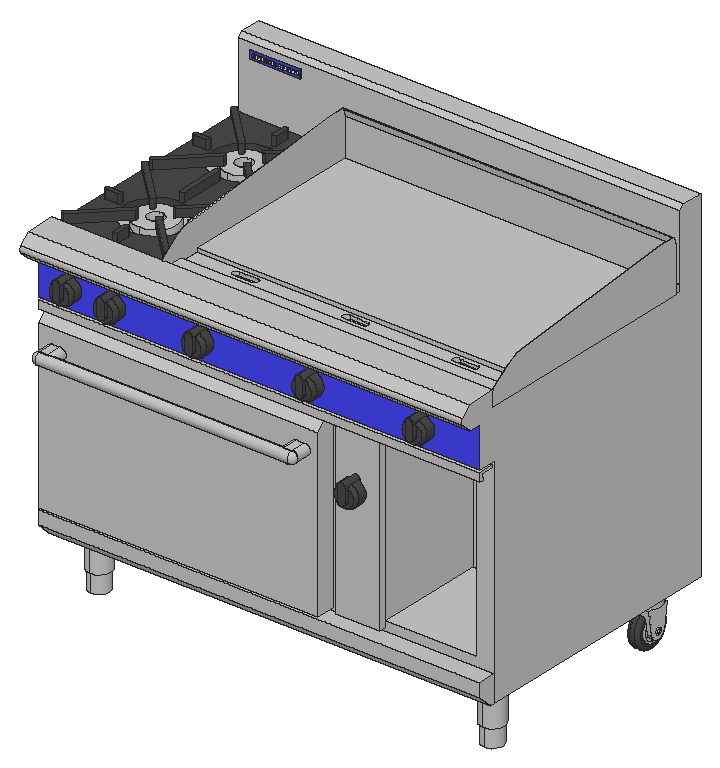
Revit family "QF_MOFFAT_BLUESEAL_CE_GE58A", category Specialty Equipment, Revit 2012
Parameters
  Width = 1200 mm
  Weight in Pounds = 485
  Watts = 6600 W
  Volts = 400 V
  URL Cutsheet = "www.moffat.com"
  URL = "www.moffat.com"
  Type Mark [instance] = ""
  Status [instance] = ""
  Specification by User [instance] = ""
  Specification by Manufacturer = ""
  Show Logo [instance] = yes
  Show Clearance [instance] = yes
  Show Casters [instance] = yes
  Serial Number = ""
  Seismic Rating = ""
  SMACNA No = ""
  Revision Code [instance] = ""
  Phase = 3
  Omniclass Number and Title = ""
  Number of Poles [instance] = 1
  NAFEM Spec ID Number = ""
  Model = "GE58A"
  Min Ckt Ampacity = 0 A
  Mechanical Remarks = ""
  Mechanical Connection Type [instance] = ""
  Max Overcurrent Protection = 0 A
  Masterspec = ""
  Manufacturer = "MOFFAT BLUESEAL"
  Legs [instance] = not(Show Casters)  # no
  Item Number [instance] = ""
  Installed By [instance] = ""
  Identify Quantity as Lot [instance] = yes
  Height = 970 mm
  HP = ""
  Gas Size = 3/4"
  Gas RI Height [instance] = 0 mm
  Gas KW = 32.2
  Gas Input [instance] = 109946.0 Btu/h
  Gas Connection Height = 0 mm
  Furnished By [instance] = ""
  Foodservice Equipment Identifier [instance] = yes
  FL Amps = 9.4 A
  Electrical Remarks = "9.4A PER PHASE"
  Electric Connection Type = ""
  Elec Conn RI Height = 0 mm
  Elec Conn Connection Height = 0 mm
  Description = "1200MM GAS RANGE WITH ELECTRIC CONVECTION OVEN"
  Depth = 812 mm
  Cycle = 50 Hz
  Conn Plug = ""
  Conn Conduit = yes
  CSI MasterFormat = ""
  CSI Master Format = ""
  Body Finish = QF_Finishes_Stainless Steel
  Apparent Power = 0 VA
Reference planes
  plane 1 "BACK": y = 0
  plane 2: z = 0
  plane 3 "LEFT": x = 0
  plane 4 "RIGHT": x = 1200
  plane 5 "FRONT": y = -812
  plane 6 "TOP": z = 970
  plane 7 "Center Y": x = 600
  plane 8 "Center X": y = -406
  plane 9: x = 280
  plane 10: y = -574.272
  plane 11: x = 60
  plane 12: y = -304.972
  plane 13: y = -364.972
  plane 14: x = 74
  plane 15: y = -812
  plane 16: x = 1134.5
  plane 17: y = -32
  plane 18: z = 655
  plane 19: x = 65.5
  plane 20: x = 65.8
  plane 21: z = 1085
  plane 22: y = -705
Forms (mm)
  Extrusion 1, solid, material "QF_Finishes_Stainless Steel" <- "Body Finish"
    sketch origin (0, 0, 0) x (0, 1, 0) y (0, 0, 1)
      loop
        line (0, 150) -> (0, 1085) -> (-57.5, 1085) -> (-70, 1072.5) -> (-70, 875) -> (-705, 875) -> (-705, 915) -> (-783.97, 915) -> (-808.49, 890.48)
        arc (-808.49, 890.48) -> (-812.002, 882) -> (-808.49, 873.52) r 11.993
        line (-808.49, 873.52) -> (-784.97, 850) -> (-749, 850) -> (-749, 740) -> (-699, 740) -> (-699, 150) -> (0, 150)
      loop
        line (-749, 222.5) -> (-749, 186) -> (-713.26, 150.26) -> (-701, 150.26) -> (-701, 222.5) -> (-749, 222.5)
      loop
        line (-749, 710) -> (-740.224, 710) -> (-742.613, 726.999) -> (-707.93, 726.999) -> (-707.93, 734.003) -> (-749, 734.003) -> (-749, 710)
    from 0 to 1200
  Extrusion 2, solid, material "QF_Finishes_Stainless Steel"
    sketch origin (0, 7, 0) x (0, 1, 0) y (0, 0, 1)
      loop
        line (-706, 700) -> (-732, 700) -> (-756, 676) -> (-756, 227.5) -> (-706, 227.5) -> (-706, 700)
    from 0 to 760
  Extrusion 3, solid, material "QF_Finishes_Stainless Steel"
    sketch origin (723.5, 7, 0) x (0, 1, 0) y (0, 0, 1)
      loop
        line (-706, 700) -> (-721, 700) -> (-721, 227.5) -> (-706, 227.5) -> (-706, 700)
    from 56.898 to 176.5
  Revolve 4, solid, material "QF_Finishes_Stainless Steel" <- "Body Finish"
    sketch origin (1134.5, -696.126, 0) x (0, 1, 0) y (0, 0, -1)
      loop
        line (39.376, -150) -> (71.126, -150) -> (71.126, 0) -> (43.626, 0) -> (43.626, -50) -> (39.376, -50) -> (39.376, -150)
      axis (71.126, -150) -> (71.126, 0)
    angle from 0 to 360
  Revolve 5, solid, material "QF_Finishes_Stainless Steel" <- "Body Finish"
    sketch origin (65.5, -696.126, 0) x (0, 1, 0) y (0, 0, 1)
      loop
        line (39.376, 150) -> (39.376, 50) -> (43.626, 50) -> (43.626, 0) -> (71.126, 0) -> (71.126, 150) -> (39.376, 150)
      axis (71.126, 150) -> (71.126, 0)
    angle from 0 to 360
  Extrusion 6, solid, material "QF_Finishes_Stainless Steel"
    sketch origin (-64.5, 0, 325) x (1, 0, 0) y (0, 1, 0)
      loop
        circle (1134.5, -32) r 10
    from 330 to 374.856
  Extrusion 7, void
    sketch origin (0, -703.73, 150) x (0, 0, -1) y (-1, 0, 0)
      loop
        line (-526, -900) -> (-526, -1150) -> (-96, -1150) -> (-96, -900) -> (-526, -900)
    from 0 to 304.8
  Extrusion 8, solid, material "QF_Finishes_Black"
    sketch origin (0, -70, 875) x (0, -1, 0) y (1, 0, 0)
      loop
        arc (1, 4) -> (1.879, 1.879) -> (4, 1) r 3
        line (4, 1) -> (632, 1)
        arc (632, 1) -> (634.121, 1.879) -> (635, 4) r 3
        line (635, 4) -> (635, 297.232)
        arc (635, 297.232) -> (634.121, 299.354) -> (632, 300.232) r 3
        line (632, 300.232) -> (4, 300.232)
        arc (4, 300.232) -> (1.879, 299.354) -> (1, 297.232) r 3
        line (1, 297.232) -> (1, 4)
      loop
        circle (167.5, 150) r 85
      loop
        circle (467.768, 150) r 85
    from 0 to 19.5
  Extrusion 9, solid, material "QF_Finishes_Black"
    sketch origin (0, -70, 894.5) x (0, -1, 0) y (1, 0, 0)
      loop
        spline (327.102, 15.153) -> (326.181, 13.924) -> (325.631, 12.47) -> (325.49, 10.89) -> (325.767, 9.292) -> (326.443, 7.786) -> (327.473, 6.473) -> (328.786, 5.443) -> (330.292, 4.767) -> (331.89, 4.49) -> (333.47, 4.631) -> (334.924, 5.181) -> (336.153, 6.102)
        line (336.153, 6.102) -> (444.076, 114.025)
        spline (444.076, 114.025) -> (444.837, 115.095) -> (445.238, 116.399) -> (445.251, 117.851) -> (444.875, 119.35) -> (444.137, 120.795) -> (443.086, 122.086) -> (441.795, 123.137) -> (440.35, 123.875) -> (438.851, 124.251) -> (437.399, 124.238) -> (436.095, 123.837) -> (435.025, 123.076)
        line (435.025, 123.076) -> (327.102, 15.153)
      loop
        line (611.398, 15.153) -> (503.475, 123.076)
        spline (503.475, 123.076) -> (502.405, 123.837) -> (501.101, 124.238) -> (499.649, 124.251) -> (498.15, 123.875) -> (496.705, 123.137) -> (495.414, 122.086) -> (494.363, 120.795) -> (493.625, 119.35) -> (493.249, 117.851) -> (493.262, 116.399) -> (493.663, 115.095) -> (494.424, 114.025)
        line (494.424, 114.025) -> (602.347, 6.102)
        spline (602.347, 6.102) -> (603.416, 5.341) -> (604.721, 4.941) -> (606.172, 4.928) -> (607.671, 5.303) -> (609.116, 6.041) -> (610.408, 7.092) -> (611.459, 8.384) -> (612.197, 9.829) -> (612.572, 11.328) -> (612.559, 12.779) -> (612.159, 14.084) -> (611.398, 15.153)
      loop
        spline (379.102, 143.6) -> (380.396, 143.818) -> (381.602, 144.457) -> (382.638, 145.475) -> (383.432, 146.8) -> (383.932, 148.344) -> (384.102, 150) -> (383.932, 151.656) -> (383.432, 153.2) -> (382.638, 154.525) -> (381.602, 155.543) -> (380.396, 156.182) -> (379.102, 156.4)
        line (379.102, 156.4) -> (259.398, 156.4)
        spline (259.398, 156.4) -> (258.104, 156.182) -> (256.898, 155.543) -> (255.862, 154.525) -> (255.068, 153.2) -> (254.568, 151.656) -> (254.398, 150) -> (254.568, 148.344) -> (255.068, 146.8) -> (255.862, 145.475) -> (256.898, 144.457) -> (258.104, 143.818) -> (259.398, 143.6)
        line (259.398, 143.6) -> (379.102, 143.6)
      loop
        spline (23.602, 15.153) -> (22.681, 13.924) -> (22.131, 12.47) -> (21.99, 10.89) -> (22.267, 9.292) -> (22.943, 7.786) -> (23.973, 6.473) -> (25.286, 5.443) -> (26.792, 4.767) -> (28.39, 4.49) -> (29.97, 4.631) -> (31.424, 5.181) -> (32.653, 6.102)
        line (32.653, 6.102) -> (140.576, 114.025)
        spline (140.576, 114.025) -> (141.337, 115.095) -> (141.738, 116.399) -> (141.751, 117.851) -> (141.375, 119.35) -> (140.637, 120.795) -> (139.586, 122.086) -> (138.295, 123.137) -> (136.85, 123.875) -> (135.351, 124.251) -> (133.899, 124.238) -> (132.595, 123.837) -> (131.525, 123.076)
        line (131.525, 123.076) -> (23.602, 15.153)
      loop
        line (311.398, 15.153) -> (203.475, 123.076)
        spline (203.475, 123.076) -> (202.405, 123.837) -> (201.101, 124.238) -> (199.649, 124.251) -> (198.15, 123.875) -> (196.705, 123.137) -> (195.414, 122.086) -> (194.363, 120.795) -> (193.625, 119.35) -> (193.249, 117.851) -> (193.262, 116.399) -> (193.663, 115.095) -> (194.424, 114.025)
        line (194.424, 114.025) -> (302.347, 6.102)
        spline (302.347, 6.102) -> (303.416, 5.341) -> (304.721, 4.941) -> (306.172, 4.928) -> (307.671, 5.303) -> (309.116, 6.041) -> (310.408, 7.092) -> (311.459, 8.384) -> (312.197, 9.829) -> (312.572, 11.328) -> (312.559, 12.779) -> (312.159, 14.084) -> (311.398, 15.153)
      loop
        line (327.102, 284.847) -> (435.025, 176.924)
        spline (435.025, 176.924) -> (436.095, 176.163) -> (437.399, 175.762) -> (438.851, 175.749) -> (440.35, 176.125) -> (441.795, 176.863) -> (443.086, 177.914) -> (444.137, 179.205) -> (444.875, 180.65) -> (445.251, 182.149) -> (445.238, 183.601) -> (444.837, 184.905) -> (444.076, 185.975)
        line (444.076, 185.975) -> (336.153, 293.898)
        spline (336.153, 293.898) -> (334.924, 294.819) -> (333.47, 295.369) -> (331.89, 295.51) -> (330.292, 295.233) -> (328.786, 294.557) -> (327.473, 293.527) -> (326.443, 292.214) -> (325.767, 290.708) -> (325.49, 289.11) -> (325.631, 287.53) -> (326.181, 286.076) -> (327.102, 284.847)
      loop
        spline (611.398, 284.847) -> (612.159, 285.916) -> (612.559, 287.221) -> (612.572, 288.672) -> (612.197, 290.171) -> (611.459, 291.616) -> (610.408, 292.908) -> (609.116, 293.959) -> (607.671, 294.697) -> (606.172, 295.072) -> (604.721, 295.059) -> (603.416, 294.659) -> (602.347, 293.898)
        line (602.347, 293.898) -> (494.424, 185.975)
        spline (494.424, 185.975) -> (493.663, 184.905) -> (493.262, 183.601) -> (493.249, 182.149) -> (493.625, 180.65) -> (494.363, 179.205) -> (495.414, 177.914) -> (496.705, 176.863) -> (498.15, 176.125) -> (499.649, 175.749) -> (501.101, 175.762) -> (502.405, 176.163) -> (503.475, 176.924)
        line (503.475, 176.924) -> (611.398, 284.847)
      loop
        line (23.602, 284.847) -> (131.525, 176.924)
        spline (131.525, 176.924) -> (132.595, 176.163) -> (133.899, 175.762) -> (135.351, 175.749) -> (136.85, 176.125) -> (138.295, 176.863) -> (139.586, 177.914) -> (140.637, 179.205) -> (141.375, 180.65) -> (141.751, 182.149) -> (141.738, 183.601) -> (141.337, 184.905) -> (140.576, 185.975)
        line (140.576, 185.975) -> (32.653, 293.898)
        spline (32.653, 293.898) -> (31.424, 294.819) -> (29.97, 295.369) -> (28.39, 295.51) -> (26.792, 295.233) -> (25.286, 294.557) -> (23.973, 293.527) -> (22.943, 292.214) -> (22.267, 290.708) -> (21.99, 289.11) -> (22.131, 287.53) -> (22.681, 286.076) -> (23.602, 284.847)
      loop
        spline (311.398, 284.847) -> (312.159, 285.916) -> (312.559, 287.221) -> (312.572, 288.672) -> (312.197, 290.171) -> (311.459, 291.616) -> (310.408, 292.908) -> (309.116, 293.959) -> (307.671, 294.697) -> (306.172, 295.072) -> (304.721, 295.059) -> (303.416, 294.659) -> (302.347, 293.898)
        line (302.347, 293.898) -> (194.424, 185.975)
        spline (194.424, 185.975) -> (193.663, 184.905) -> (193.262, 183.601) -> (193.249, 182.149) -> (193.625, 180.65) -> (194.363, 179.205) -> (195.414, 177.914) -> (196.705, 176.863) -> (198.15, 176.125) -> (199.649, 175.749) -> (201.101, 175.762) -> (202.405, 176.163) -> (203.475, 176.924)
        line (203.475, 176.924) -> (311.398, 284.847)
      loop
        spline (473.9, 292.104) -> (473.682, 293.398) -> (473.043, 294.604) -> (472.025, 295.64) -> (470.7, 296.434) -> (469.156, 296.934) -> (467.5, 297.104) -> (465.844, 296.934) -> (464.3, 296.434) -> (462.975, 295.64) -> (461.957, 294.604) -> (461.318, 293.398) -> (461.1, 292.104)
        line (461.1, 292.104) -> (461.1, 242.13)
        spline (461.1, 242.13) -> (461.318, 240.836) -> (461.957, 239.63) -> (462.975, 238.595) -> (464.3, 237.8) -> (465.844, 237.301) -> (467.5, 237.13) -> (469.156, 237.301) -> (470.7, 237.8) -> (472.025, 238.595) -> (473.043, 239.63) -> (473.682, 240.836) -> (473.9, 242.13)
        line (473.9, 242.13) -> (473.9, 292.104)
      loop
        spline (173.9, 292.104) -> (173.682, 293.398) -> (173.043, 294.604) -> (172.025, 295.64) -> (170.7, 296.434) -> (169.156, 296.934) -> (167.5, 297.104) -> (165.844, 296.934) -> (164.3, 296.434) -> (162.975, 295.64) -> (161.957, 294.604) -> (161.318, 293.398) -> (161.1, 292.104)
        line (161.1, 292.104) -> (161.1, 242.13)
        spline (161.1, 242.13) -> (161.318, 240.836) -> (161.957, 239.63) -> (162.975, 238.595) -> (164.3, 237.8) -> (165.844, 237.301) -> (167.5, 237.13) -> (169.156, 237.301) -> (170.7, 237.8) -> (172.025, 238.595) -> (173.043, 239.63) -> (173.682, 240.836) -> (173.9, 242.13)
        line (173.9, 242.13) -> (173.9, 292.104)
      loop
        spline (65.602, 143.6) -> (66.896, 143.818) -> (68.102, 144.457) -> (69.138, 145.475) -> (69.932, 146.8) -> (70.432, 148.344) -> (70.602, 150) -> (70.432, 151.656) -> (69.932, 153.2) -> (69.138, 154.525) -> (68.102, 155.543) -> (66.896, 156.182) -> (65.602, 156.4)
        line (65.602, 156.4) -> (29.398, 156.4)
        spline (29.398, 156.4) -> (28.104, 156.182) -> (26.898, 155.543) -> (25.862, 154.525) -> (25.068, 153.2) -> (24.568, 151.656) -> (24.398, 150) -> (24.568, 148.344) -> (25.068, 146.8) -> (25.862, 145.475) -> (26.898, 144.457) -> (28.104, 143.818) -> (29.398, 143.6)
        line (29.398, 143.6) -> (65.602, 143.6)
      loop
        spline (605.602, 143.6) -> (606.896, 143.818) -> (608.102, 144.457) -> (609.138, 145.475) -> (609.932, 146.8) -> (610.432, 148.344) -> (610.602, 150) -> (610.432, 151.656) -> (609.932, 153.2) -> (609.138, 154.525) -> (608.102, 155.543) -> (606.896, 156.182) -> (605.602, 156.4)
        line (605.602, 156.4) -> (569.398, 156.4)
        spline (569.398, 156.4) -> (568.104, 156.182) -> (566.898, 155.543) -> (565.862, 154.525) -> (565.068, 153.2) -> (564.568, 151.656) -> (564.398, 150) -> (564.568, 148.344) -> (565.068, 146.8) -> (565.862, 145.475) -> (566.898, 144.457) -> (568.104, 143.818) -> (569.398, 143.6)
        line (569.398, 143.6) -> (605.602, 143.6)
      loop
        line (460.626, 50.584) -> (460.626, 16.591)
        spline (460.626, 16.591) -> (460.844, 15.297) -> (461.483, 14.091) -> (462.501, 13.055) -> (463.826, 12.261) -> (465.37, 11.761) -> (467.026, 11.591) -> (468.682, 11.761) -> (470.226, 12.261) -> (471.551, 13.055) -> (472.569, 14.091) -> (473.208, 15.297) -> (473.426, 16.591)
        line (473.426, 16.591) -> (473.426, 50.584)
        spline (473.426, 50.584) -> (473.208, 51.878) -> (472.569, 53.084) -> (471.551, 54.119) -> (470.226, 54.914) -> (468.682, 55.413) -> (467.026, 55.584) -> (465.37, 55.413) -> (463.826, 54.914) -> (462.501, 54.119) -> (461.483, 53.084) -> (460.844, 51.878) -> (460.626, 50.584)
      loop
        line (160.11, 50.584) -> (160.11, 16.591)
        spline (160.11, 16.591) -> (160.328, 15.297) -> (160.967, 14.091) -> (161.984, 13.055) -> (163.31, 12.261) -> (164.853, 11.761) -> (166.51, 11.591) -> (168.166, 11.761) -> (169.71, 12.261) -> (171.035, 13.055) -> (172.052, 14.091) -> (172.692, 15.297) -> (172.91, 16.591)
        line (172.91, 16.591) -> (172.91, 50.584)
        spline (172.91, 50.584) -> (172.692, 51.878) -> (172.052, 53.084) -> (171.035, 54.119) -> (169.71, 54.914) -> (168.166, 55.413) -> (166.51, 55.584) -> (164.853, 55.413) -> (163.31, 54.914) -> (161.984, 54.119) -> (160.967, 53.084) -> (160.328, 51.878) -> (160.11, 50.584)
    from 0 to 23.5
  Revolve 10, solid, material "QF_Finishes_Black"
    sketch origin (90.649, 45.874, -0.118) x (0, 1, 0) y (0, 0, -1)
      loop
        line (-827.874, -829.5) -> (-804.874, -829.5) -> (-804.874, -802) -> (-794.874, -802) -> (-794.874, -797) -> (-838.874, -797) -> (-838.874, -823.651) -> (-827.874, -829.5)
      axis (-838.874, -797) -> (-794.874, -797)
    angle from 0 to 360
  Revolve 11, solid, material "QF_Finishes_Black"
    sketch origin (210.649, 45.874, -0.118) x (0, 1, 0) y (0, 0, -1)
      loop
        line (-827.874, -829.5) -> (-804.874, -829.5) -> (-804.874, -802) -> (-794.874, -802) -> (-794.874, -797) -> (-838.874, -797) -> (-838.874, -823.651) -> (-827.874, -829.5)
      axis (-838.874, -797) -> (-794.874, -797)
    angle from 0 to 360
  Revolve 12, solid, material "QF_Finishes_Black"
    sketch origin (450.345, 45.874, -0.118) x (0, 1, 0) y (0, 0, -1)
      loop
        line (-827.874, -829.5) -> (-804.874, -829.5) -> (-804.874, -802) -> (-794.874, -802) -> (-794.874, -797) -> (-838.874, -797) -> (-838.874, -823.651) -> (-827.874, -829.5)
      axis (-838.874, -797) -> (-794.874, -797)
    angle from 0 to 360
  Extrusion 13, solid, material "QF_Finishes_Black"
    sketch origin (238.456, 7, -0.118) x (-1, 0, 0) y (0, 0, -1)
      loop
        arc (158.3, -789) -> (148.3, -779) -> (138.3, -789) r 10
        line (138.3, -789) -> (138.3, -824)
        arc (138.3, -824) -> (148.3, -834) -> (158.3, -824) r 10
        line (158.3, -824) -> (158.3, -789)
    from 759 to 808
  Extrusion 14, solid, material "QF_Finishes_Black"
    sketch origin (358.456, 7, -0.118) x (-1, 0, 0) y (0, 0, -1)
      loop
        arc (158.3, -789) -> (148.3, -779) -> (138.3, -789) r 10
        line (138.3, -789) -> (138.3, -824)
        arc (138.3, -824) -> (148.3, -834) -> (158.3, -824) r 10
        line (158.3, -824) -> (158.3, -789)
    from 759 to 808
  Extrusion 15, solid, material "QF_Finishes_Black"
    sketch origin (598.152, 7, -0.118) x (-1, 0, 0) y (0, 0, -1)
      loop
        arc (158.3, -789) -> (148.3, -779) -> (138.3, -789) r 10
        line (138.3, -789) -> (138.3, -824)
        arc (138.3, -824) -> (148.3, -834) -> (158.3, -824) r 10
        line (158.3, -824) -> (158.3, -789)
    from 759 to 808
  Revolve 16, solid, material "QF_Finishes_Black"
    sketch origin (836.851, 80.874, -246.368) x (0, 1, 0) y (0, 0, 1)
      loop
        line (-827.874, 829.5) -> (-838.874, 823.651) -> (-838.874, 797) -> (-794.874, 797) -> (-794.874, 802) -> (-804.874, 802) -> (-804.874, 829.5) -> (-827.874, 829.5)
      axis (-838.874, 797) -> (-794.874, 797)
    angle from 0 to 360
  Extrusion 17, solid, material "QF_Finishes_Black"
    sketch origin (389.044, 42, -246.368) x (1, 0, 0) y (0, 0, 1)
      loop
        line (458.3, 789) -> (458.3, 824)
        arc (458.3, 824) -> (448.3, 834) -> (438.3, 824) r 10
        line (438.3, 824) -> (438.3, 789)
        arc (438.3, 789) -> (448.3, 779) -> (458.3, 789) r 10
    from 759 to 808
  Extrusion 18, solid, material "QF_Door-Drawer Clearances", visible <- "Show Clearance", detail levels coarse
    sketch origin (760, 7, 0) x (0, 1, 0) y (0, 0, 1)
      loop
        arc (-756, 697.347) -> (-1088.232, 559.732) -> (-1225.847, 227.5) r 469.847
        line (-1225.847, 227.5) -> (-756, 227.5) -> (-756, 697.347)
    from 0 to -760
  Extrusion 19, void
    sketch origin (0, 0, 150) x (-1, 0, 0) y (0, -1, 0)
      loop
        line (-1133.988, 87.26) -> (-1133.988, -30.24) -> (-1004.488, -30.24) -> (-1004.488, 38.76) -> (-1052.988, 87.26) -> (-1133.988, 87.26)
    from 72.5 to 549.856
  Extrusion 20, solid, material "QF_Finishes_Stainless Steel"
    sketch origin (0, -749, 227.5) x (0, 0, 1) y (-1, 0, 0)
      loop
        line (380.625, -38.246) -> (380.625, -58.528)
        arc (380.625, -58.528) -> (395.625, -73.528) -> (410.625, -58.528) r 15
        line (410.625, -58.528) -> (410.625, -38.246)
        arc (410.625, -38.246) -> (395.625, -23.246) -> (380.625, -38.246) r 15
      loop
        arc (380.625, -723.039) -> (395.625, -738.039) -> (410.625, -723.039) r 15
        line (410.625, -723.039) -> (410.625, -702.757)
        arc (410.625, -702.757) -> (395.625, -687.757) -> (380.625, -702.757) r 15
        line (380.625, -702.757) -> (380.625, -723.039)
    from 0 to 44
  Revolve 21, solid, material "QF_Finishes_Stainless Steel"
    sketch origin (0, -793, 0) x (1, 0, 0) y (0, 0, 1)
      loop
        arc (738.039, 623.125) -> (733.646, 633.732) -> (723.039, 638.125) r 15
        line (723.039, 638.125) -> (38.246, 638.125)
        arc (38.246, 638.125) -> (27.64, 633.732) -> (23.246, 623.125) r 15
        line (23.246, 623.125) -> (738.039, 623.125)
      axis (738.039, 623.125) -> (23.246, 623.125)
    angle from 0 to 360
  Extrusion 22, solid, material "QF_Finishes_Stainless Steel"
    sketch origin (0, -70, 875) x (0, -1, 0) y (1, 0, 0)
      loop
        circle (467.5, 150) r 57
      loop
        circle (167.5, 150) r 57
      loop
        circle (467.5, 150) r 22
      loop
        circle (167.5, 150) r 22
    from 0 to 19.5
  Extrusion 23, solid, material "QF_Finishes_Stainless Steel"
    sketch origin (0, 0, 0) x (1, 0, 0) y (0, 1, 0)
      loop
        circle (826, -501) r 6.35
    from 148.072 to 150
  Extrusion 24, solid, material "QF_Finishes_Stainless Steel", visible <- "Show Casters"
    sketch origin (71.501, 133.353, -8.783) x (0, 1, 0) y (0, 0, 1)
      loop
        line (-201.603, 118.783) -> (-265.103, 118.783) -> (-252.746, 53.895)
        arc (-252.746, 53.895) -> (-233.353, 38.783) -> (-213.959, 53.895) r 20
        line (-213.959, 53.895) -> (-201.603, 118.783)
    from -35.667 to 22.923
  Revolve 25, solid, material "QF_Finishes_Stainless Steel", visible <- "Show Casters"
    sketch origin (65, -203, 0) x (0, 1, 0) y (0, 0, 1)
      loop
        line (67.25, 150) -> (67.25, 110) -> (103, 110) -> (103, 150) -> (67.25, 150)
      axis (103, 150) -> (103, 110)
    angle from 0 to 360
  Revolve 26, solid, material "QF_Finishes_Stainless Steel", visible <- "Show Casters"
    sketch origin (1134.5, -203, 0) x (0, 1, 0) y (0, 0, -1)
      loop
        line (67.25, -150) -> (103, -150) -> (103, -110) -> (67.25, -110) -> (67.25, -150)
      axis (103, -150) -> (103, -110)
    angle from 0 to 360
  Revolve 27, solid, material "QF_Finishes_Stainless Steel", visible <- "Show Casters"
    sketch origin (1085.276, -99.755, -13.653) x (1, 0, 0) y (0, 0, 1)
      loop
        line (14.841, 64.453) -> (83.584, 64.453) -> (83.584, 67.958) -> (82.314, 69.228) -> (80.79, 69.228) -> (80.79, 72.674) -> (68.644, 72.674) -> (68.644, 82.639) -> (65.088, 84.692) -> (63.738, 93.028) -> (65.881, 93.028) -> (65.881, 99.378) -> (65.088, 99.378) -> (65.088, 105.728)
        arc (65.088, 105.728) -> (62.298, 112.463) -> (55.563, 115.253) r 9.525
        line (55.563, 115.253) -> (42.863, 115.253)
        arc (42.863, 115.253) -> (36.127, 112.463) -> (33.338, 105.728) r 9.525
        line (33.338, 105.728) -> (33.338, 99.378) -> (32.544, 99.378) -> (32.544, 93.028) -> (34.687, 93.028) -> (33.352, 84.781) -> (29.782, 82.719) -> (29.782, 72.674) -> (17.635, 72.674) -> (17.635, 69.228) -> (16.111, 69.228) -> (14.841, 67.958) -> (14.841, 64.453)
      axis (14.841, 64.453) -> (83.584, 64.453)
    angle from 0 to 360
  Extrusion 28, solid, material "QF_Finishes_Stainless Steel", visible <- "Show Casters"
    sketch origin (1141.001, 133.353, -8.783) x (0, 1, 0) y (0, 0, 1)
      loop
        line (-201.603, 118.783) -> (-265.103, 118.783) -> (-252.746, 53.895)
        arc (-252.746, 53.895) -> (-233.353, 38.783) -> (-213.959, 53.895) r 20
        line (-213.959, 53.895) -> (-201.603, 118.783)
    from -35.667 to 22.923
  Revolve 29, solid, material "QF_Finishes_Stainless Steel", visible <- "Legs"
    sketch origin (65, -165, 0) x (0, 1, 0) y (0, 0, 1)
      loop
        line (33.25, 150) -> (33.25, 50) -> (37.5, 50) -> (37.5, 0) -> (65, 0) -> (65, 150) -> (33.25, 150)
      axis (65, 150) -> (65, 0)
    angle from 0 to 360
  Revolve 30, solid, material "QF_Finishes_Stainless Steel", visible <- "Legs"
    sketch origin (1134.5, -165, 0) x (0, 1, 0) y (0, 0, -1)
      loop
        line (33.25, -150) -> (65, -150) -> (65, 0) -> (37.5, 0) -> (37.5, -50) -> (33.25, -50) -> (33.25, -150)
      axis (65, -150) -> (65, 0)
    angle from 0 to 360
  Revolve 31, solid, material "QF_Finishes_Stainless Steel", visible <- "Show Casters"
    sketch origin (114.224, -99.755, -13.653) x (-1, 0, 0) y (0, 0, -1)
      loop
        line (14.841, -64.453) -> (14.841, -67.958) -> (16.111, -69.228) -> (17.635, -69.228) -> (17.635, -72.674) -> (29.782, -72.674) -> (29.782, -82.719) -> (33.352, -84.781) -> (34.687, -93.028) -> (32.544, -93.028) -> (32.544, -99.378) -> (33.338, -99.378) -> (33.338, -105.728)
        arc (33.338, -105.728) -> (36.127, -112.463) -> (42.863, -115.253) r 9.525
        line (42.863, -115.253) -> (55.563, -115.253)
        arc (55.563, -115.253) -> (62.298, -112.463) -> (65.088, -105.728) r 9.525
        line (65.088, -105.728) -> (65.088, -99.378) -> (65.881, -99.378) -> (65.881, -93.028) -> (63.738, -93.028) -> (65.088, -84.692) -> (68.644, -82.639) -> (68.644, -72.674) -> (80.79, -72.674) -> (80.79, -69.228) -> (82.314, -69.228) -> (83.584, -67.958) -> (83.584, -64.453) -> (14.841, -64.453)
      axis (14.841, -64.453) -> (83.584, -64.453)
    angle from 0 to 360
  Revolve 32, solid, material "QF_Finishes_Black"
    sketch origin (750.232, 45.874, -0.118) x (0, 1, 0) y (0, 0, -1)
      loop
        line (-827.874, -829.5) -> (-804.874, -829.5) -> (-804.874, -802) -> (-794.874, -802) -> (-794.874, -797) -> (-838.874, -797) -> (-838.874, -823.651) -> (-827.874, -829.5)
      axis (-838.874, -797) -> (-794.874, -797)
    angle from 0 to 360
  Extrusion 33, solid, material "QF_Finishes_Black"
    sketch origin (898.039, 7, -0.118) x (-1, 0, 0) y (0, 0, -1)
      loop
        arc (158.3, -789) -> (148.3, -779) -> (138.3, -789) r 10
        line (138.3, -789) -> (138.3, -824)
        arc (138.3, -824) -> (148.3, -834) -> (158.3, -824) r 10
        line (158.3, -824) -> (158.3, -789)
    from 759 to 808
  Revolve 34, solid, material "QF_Finishes_Black"
    sketch origin (1050.119, 45.874, -0.118) x (0, 1, 0) y (0, 0, -1)
      loop
        line (-827.874, -829.5) -> (-804.874, -829.5) -> (-804.874, -802) -> (-794.874, -802) -> (-794.874, -797) -> (-838.874, -797) -> (-838.874, -823.651) -> (-827.874, -829.5)
      axis (-838.874, -797) -> (-794.874, -797)
    angle from 0 to 360
  Extrusion 35, solid, material "QF_Finishes_Black"
    sketch origin (1197.926, 7, -0.118) x (-1, 0, 0) y (0, 0, -1)
      loop
        arc (158.3, -789) -> (148.3, -779) -> (138.3, -789) r 10
        line (138.3, -789) -> (138.3, -824)
        arc (138.3, -824) -> (148.3, -834) -> (158.3, -824) r 10
        line (158.3, -824) -> (158.3, -789)
    from 759 to 808
Cuts and joins
  Extrusion 7, Extrusion 19 cuts Extrusion 1
Lines and regions (mm)
  Split face 1
    outline origin (1200, 0, 1085) x (-1, 0, 0) y (0, -1, 0)
      loop
        arc (935.206, 45.185) -> (926.545, 40.185) -> (926.545, 30.185) r 10
        line (926.545, 30.185) -> (930.587, 23.185)
        arc (930.587, 23.185) -> (934.247, 19.525) -> (939.247, 18.185) r 10
        line (939.247, 18.185) -> (1167.206, 18.185)
        arc (1167.206, 18.185) -> (1175.866, 23.185) -> (1175.866, 33.185) r 10
        line (1175.866, 33.185) -> (1171.824, 40.185)
        arc (1171.824, 40.185) -> (1168.164, 43.845) -> (1163.164, 45.185) r 10
        line (1163.164, 45.185) -> (935.206, 45.185)
  Split face 2
    outline origin (1200, 0, 1085) x (-1, 0, 0) y (0, -1, 0)
      loop
        arc (635.206, 45.185) -> (626.545, 40.185) -> (626.545, 30.185) r 10
        line (626.545, 30.185) -> (630.587, 23.185)
        arc (630.587, 23.185) -> (634.247, 19.525) -> (639.247, 18.185) r 10
        line (639.247, 18.185) -> (867.206, 18.185)
        arc (867.206, 18.185) -> (875.866, 23.185) -> (875.866, 33.185) r 10
        line (875.866, 33.185) -> (871.824, 40.185)
        arc (871.824, 40.185) -> (868.164, 43.845) -> (863.164, 45.185) r 10
        line (863.164, 45.185) -> (635.206, 45.185)
  Split face 3
    outline origin (1200, 0, 1085) x (-1, 0, 0) y (0, -1, 0)
      loop
        arc (335.206, 45.185) -> (326.545, 40.185) -> (326.545, 30.185) r 10
        line (326.545, 30.185) -> (330.587, 23.185)
        arc (330.587, 23.185) -> (334.247, 19.525) -> (339.247, 18.185) r 10
        line (339.247, 18.185) -> (567.206, 18.185)
        arc (567.206, 18.185) -> (575.866, 23.185) -> (575.866, 33.185) r 10
        line (575.866, 33.185) -> (571.824, 40.185)
        arc (571.824, 40.185) -> (568.164, 43.845) -> (563.164, 45.185) r 10
        line (563.164, 45.185) -> (335.206, 45.185)
  Split face 4
    outline origin (1200, 0, 1085) x (-1, 0, 0) y (0, -1, 0)
      loop
        arc (35.206, 45.185) -> (26.545, 40.185) -> (26.545, 30.185) r 10
        line (26.545, 30.185) -> (30.587, 23.185)
        arc (30.587, 23.185) -> (34.247, 19.525) -> (39.247, 18.185) r 10
        line (39.247, 18.185) -> (267.206, 18.185)
        arc (267.206, 18.185) -> (275.866, 23.185) -> (275.866, 33.185) r 10
        line (275.866, 33.185) -> (271.824, 40.185)
        arc (271.824, 40.185) -> (268.164, 43.845) -> (263.164, 45.185) r 10
        line (263.164, 45.185) -> (35.206, 45.185)
  symbolic lines
    curve 1: line (0, 0, 0) -> (0, -812, 0)
    curve 2: line (1200, 0, 0) -> (0, 0, 0)
    curve 3: line (1200, -812, 0) -> (1200, 0, 0)
    curve 4: line (0, -70, 0) -> (1200, -70, 0)
    curve 5: line (1200, -812, 0) -> (0, -812, 0)
    curve 6: line (1200, -708.3, 0) -> (0, -708.3, 0)
    curve 7: line (0, -705, 0) -> (1200, -705, 0)
    curve 8: line (1200, -72.734, 0) -> (0, -72.734, 0)
    curve 9: arc (22.65, -812, 0) -> (34.104, -822.278, 0) -> (48.889, -826.544, 0) r 34.455
    curve 10: line (48.889, -826.544, 0) -> (718.108, -826.544, 0)
    curve 11: arc (718.108, -826.544, 0) -> (732.653, -822.647, 0) -> (743.3, -812, 0) r 29.089
    curve 12: line (6.08, -94.387, 0) -> (121.515, -209.822, 0)
    curve 13: line (293.92, -94.387, 0) -> (178.485, -209.822, 0)
    curve 14: line (6.83, -379.864, 0) -> (121.515, -265.178, 0)
    curve 15: line (292.516, -379.21, 0) -> (178.485, -265.178, 0)
    curve 16: line (6.08, -398.155, 0) -> (121.515, -510.089, 0)
    curve 17: line (293.92, -398.155, 0) -> (178.485, -510.089, 0)
    curve 18: line (9.883, -677.078, 0) -> (121.515, -565.446, 0)
    curve 19: line (291.622, -678.583, 0) -> (178.485, -565.446, 0)
    curve 20: arc (150, -294.5, 0) -> (207, -237.5, 0) -> (150, -180.5, 0) r 57
    curve 21: arc (150, -180.5, 0) -> (93, -237.5, 0) -> (150, -294.5, 0) r 57
    curve 22: arc (150, -594.5, 0) -> (207, -537.5, 0) -> (150, -480.5, 0) r 57
    curve 23: arc (150, -480.5, 0) -> (93, -537.5, 0) -> (150, -594.5, 0) r 57
    curve 24: line (297.78, -237.81, 0) -> (237.78, -237.81, 0)
    curve 25: line (149.618, -450.258, 0) -> (149.618, -325.258, 0)
    curve 26: line (297.78, -537.81, 0) -> (237.78, -537.81, 0)
    curve 27: line (149.197, -139.807, 0) -> (149.197, -94.807, 0)
    curve 28: line (149.197, -674.807, 0) -> (149.197, -634.807, 0)
    curve 29: line (49.678, -236.51, 0) -> (14.678, -236.51, 0)
    curve 30: line (49.678, -536.51, 0) -> (14.678, -536.51, 0)
    curve 34: arc (150, -322.5, 0) -> (65, -237.5, 0) -> (150, -152.5, 0) r 85
    curve 35: arc (150, -152.5, 0) -> (235, -237.5, 0) -> (150, -322.5, 0) r 85
    curve 36: arc (150, -452.768, 0) -> (235, -537.768, 0) -> (150, -622.768, 0) r 85
    curve 37: arc (150, -622.768, 0) -> (65, -537.768, 0) -> (150, -452.768, 0) r 85
    curve 38: line (300.232, -72.734, 0) -> (300.232, -705, 0)
    curve 39: line (0, -390.308, 0) -> (300.232, -390.308, 0)
    curve 40: arc (150, -215.5, 0) -> (172, -237.5, 0) -> (150, -259.5, 0) r 22
    curve 41: arc (150, -259.5, 0) -> (128, -237.5, 0) -> (150, -215.5, 0) r 22
    curve 42: arc (150, -515.5, 0) -> (172, -537.5, 0) -> (150, -559.5, 0) r 22
    curve 43: arc (150, -559.5, 0) -> (128, -537.5, 0) -> (150, -515.5, 0) r 22
    curve 44: line (1160.753, -18.185, 0) -> (932.794, -18.185, 0)
    curve 45: arc (932.794, -18.185, 0) -> (924.134, -23.185, 0) -> (924.134, -33.185, 0) r 10
    curve 46: line (924.134, -33.185, 0) -> (928.176, -40.185, 0)
    curve 47: arc (928.176, -40.185, 0) -> (931.836, -43.845, 0) -> (936.836, -45.185, 0) r 10
    curve 48: line (936.836, -45.185, 0) -> (1164.794, -45.185, 0)
    curve 49: arc (1164.794, -45.185, 0) -> (1173.455, -40.185, 0) -> (1173.455, -30.185, 0) r 10
    curve 50: line (1173.455, -30.185, 0) -> (1169.413, -23.185, 0)
    curve 51: arc (1169.413, -23.185, 0) -> (1165.753, -19.525, 0) -> (1160.753, -18.185, 0) r 10
    curve 52: line (632.794, -18.185, 0) -> (860.753, -18.185, 0)
    curve 53: arc (860.753, -18.185, 0) -> (865.753, -19.525, 0) -> (869.413, -23.185, 0) r 10
    curve 54: line (869.413, -23.185, 0) -> (873.455, -30.185, 0)
    curve 55: arc (873.455, -30.185, 0) -> (873.455, -40.185, 0) -> (864.794, -45.185, 0) r 10
    curve 56: line (864.794, -45.185, 0) -> (636.836, -45.185, 0)
    curve 57: arc (636.836, -45.185, 0) -> (631.836, -43.845, 0) -> (628.176, -40.185, 0) r 10
    curve 58: line (628.176, -40.185, 0) -> (624.134, -33.185, 0)
    curve 59: arc (624.134, -33.185, 0) -> (624.134, -23.185, 0) -> (632.794, -18.185, 0) r 10
    curve 60: line (332.794, -18.185, 0) -> (560.753, -18.185, 0)
    curve 61: arc (560.753, -18.185, 0) -> (565.753, -19.525, 0) -> (569.413, -23.185, 0) r 10
    curve 62: line (569.413, -23.185, 0) -> (573.455, -30.185, 0)
    curve 63: arc (573.455, -30.185, 0) -> (573.455, -40.185, 0) -> (564.794, -45.185, 0) r 10
    curve 64: line (564.794, -45.185, 0) -> (336.836, -45.185, 0)
    curve 65: arc (336.836, -45.185, 0) -> (331.836, -43.845, 0) -> (328.176, -40.185, 0) r 10
    curve 66: line (328.176, -40.185, 0) -> (324.134, -33.185, 0)
    curve 67: arc (324.134, -33.185, 0) -> (324.134, -23.185, 0) -> (332.794, -18.185, 0) r 10
    curve 68: line (260.753, -18.185, 0) -> (32.794, -18.185, 0)
    curve 69: arc (32.794, -18.185, 0) -> (24.134, -23.185, 0) -> (24.134, -33.185, 0) r 10
    curve 70: line (24.134, -33.185, 0) -> (28.176, -40.185, 0)
    curve 71: arc (28.176, -40.185, 0) -> (31.836, -43.845, 0) -> (36.836, -45.185, 0) r 10
    curve 72: line (36.836, -45.185, 0) -> (264.794, -45.185, 0)
    curve 73: arc (264.794, -45.185, 0) -> (273.455, -40.185, 0) -> (273.455, -30.185, 0) r 10
    curve 74: line (273.455, -30.185, 0) -> (269.413, -23.185, 0)
    curve 75: arc (269.413, -23.185, 0) -> (265.753, -19.525, 0) -> (260.753, -18.185, 0) r 10
    curve 76: line (0, -57.5, 0) -> (1200, -57.5, 0)
    curve 77: line (0, -783.97, 0) -> (1200, -783.97, 0)
  symbolic lines, style "QF_Door-Drawer Clearances", visible <- "Show Clearance"
    curve 31: line (0, -1218.847, 0) -> (760, -1218.847, 0)
    curve 32: line (760, -1218.847, 0) -> (760, -812, 0)
    curve 33: line (0, -1218.847, 0) -> (0, -812, 0)
Dimensions and locks
  equal spacing: plane 3 "LEFT", plane 7 "Center Y", plane 4 "RIGHT"
  "Width": plane 3 "LEFT" to plane 4 "RIGHT"
  equal spacing: plane 5 "FRONT", plane 8 "Center X", plane 1 "BACK"
  plane 5 "FRONT" to plane 1 "BACK" = 812 mm  (x2)
  equal spacing: plane 4 "RIGHT", plane 7 "Center Y", plane 3 "LEFT"
  plane 4 "RIGHT" to plane 3 "LEFT" = 1200 mm
  "Height": plane 6 "TOP" to level
  plane 10 to plane 1 "BACK" = 574.272 mm
  plane 12 to plane 1 "BACK" = 304.972 mm  (x2)
  plane 11 to plane 3 "LEFT" = 60 mm
  plane 14 to plane 3 "LEFT" = 74 mm
  plane 9 to plane 3 "LEFT" = 280 mm
  "Depth": plane 1 "BACK" to plane 15
  plane 5 "FRONT" to plane 15 = 0 mm
  plane 6 "TOP" to plane 2 = 970 mm
  plane 2 to Extrusion 1 sketch curve = 875 mm
  locked: plane 2 to Extrusion 1 sketch curve at 915
  locked: plane 4 "RIGHT" to plane 16 at 65.5
  Extrusion 8 sketch curve to plane 20 = 64.8 mm
  Extrusion 23 sketch curve to plane 4 "RIGHT" = 374 mm
  Extrusion 23 sketch curve to plane 1 "BACK" = 501 mm
  plane 21 to level = 1085 mm
  Revolve 27 sketch curve to Revolve 27 sketch curve = 50.8 mm
  Revolve 31 sketch curve to Revolve 31 sketch curve = 50.8 mm
  aligned and locked: level to plane 2
  aligned and locked: curve 3 to plane 4 "RIGHT"
  aligned and locked: Extrusion 1 to plane 4 "RIGHT"
  aligned and locked: plane 16 to Revolve 4
  aligned and locked: Extrusion 18 to Extrusion 2
Automatic sketch dimensions
  curve 20 to curve 34 = 0 mm
  curve 21 to curve 35 = 0 mm
  curve 21 to curve 41 = 0 mm
  curve 22 to curve 43 = 0 mm
  curve 23 to curve 43 = 0 mm
  curve 35 to curve 41 = 0 mm
  plane 1 "BACK" to curve 1 = 0 mm
  curve 1 to plane 3 "LEFT" = 0 mm
  plane 5 "FRONT" to curve 9 = 0 mm
  plane 22 to curve 38 = 0 mm
  plane 3 "LEFT" to curve 16 = 6.08 mm
  plane 3 "LEFT" to curve 12 = 6.08 mm
  plane 3 "LEFT" to curve 14 = 6.83 mm
  plane 3 "LEFT" to curve 18 = 9.883 mm
  plane 3 "LEFT" to curve 29 = 14.678 mm
  plane 3 "LEFT" to curve 30 = 14.678 mm
  plane 3 "LEFT" to curve 9 = 22.65 mm
  curve 70 to plane 17 = 1.185 mm
  plane 3 "LEFT" to curve 70 = 24.134 mm
  curve 69 to curve 71 = 4.041 mm
  curve 69 to curve 69 = 8.66 mm
  curve 71 to curve 71 = 8.66 mm
  curve 10 to plane 11 = 11.111 mm
  curve 29 to plane 11 = 10.322 mm
  curve 30 to plane 11 = 10.322 mm
  curve 9 to plane 11 = 9.192 mm
  plane 10 to curve 18 = 8.826 mm
  plane 14 to curve 18 = 47.515 mm
  plane 14 to curve 14 = 47.515 mm
  plane 14 to curve 12 = 47.515 mm
  plane 14 to curve 16 = 47.515 mm
  curve 18 to curve 28 = 27.682 mm
  plane 14 to curve 27 = 75.197 mm
  curve 25 to plane 12 = 20.285 mm
  curve 14 to curve 25 = 28.103 mm
  curve 16 to curve 22 = 28.485 mm
  curve 12 to curve 41 = 28.485 mm
  curve 25 to curve 37 = 0.382 mm
  curve 42 to curve 17 = 28.485 mm
  curve 40 to curve 13 = 28.485 mm
  plane 10 to curve 19 = 8.826 mm
  curve 42 to curve 19 = 28.485 mm
  plane 12 to curve 15 = 39.794 mm
  curve 40 to curve 15 = 28.485 mm
  curve 24 to plane 9 = 42.22 mm
  curve 26 to plane 9 = 42.22 mm
  curve 68 to plane 9 = 19.247 mm
  curve 73 to plane 9 = 15.206 mm
  curve 75 to curve 75 = 8.66 mm
  plane 17 to curve 74 = 1.815 mm
  curve 74 to plane 9 = 6.545 mm
  plane 9 to curve 19 = 11.622 mm
  plane 9 to curve 15 = 12.516 mm
  plane 9 to curve 13 = 13.92 mm
  plane 9 to curve 17 = 13.92 mm
  plane 9 to curve 24 = 17.78 mm
  plane 9 to curve 26 = 17.78 mm
  plane 9 to curve 38 = 20.232 mm
  curve 67 to plane 17 = 1.185 mm
  plane 9 to curve 67 = 44.134 mm
  curve 66 to plane 17 = 8.185 mm
  curve 66 to curve 66 = 4.041 mm
  plane 17 to curve 67 = 13.815 mm
  curve 67 to curve 67 = 8.66 mm
  curve 65 to curve 64 = 8.66 mm
  curve 60 to plane 7 "Center Y" = 39.247 mm
  curve 61 to curve 64 = 4.041 mm
  curve 61 to curve 61 = 8.66 mm
  plane 17 to curve 63 = 1.815 mm
  curve 61 to curve 63 = 4.041 mm
  curve 59 to plane 17 = 1.185 mm
  plane 7 "Center Y" to curve 59 = 24.134 mm
  curve 59 to curve 57 = 4.041 mm  (x2)
  plane 17 to curve 59 = 13.815 mm
  curve 59 to curve 59 = 8.66 mm
  curve 57 to plane 17 = 3.185 mm
  curve 55 to plane 17 = 3.185 mm
  curve 53 to curve 55 = 4.041 mm
  plane 17 to curve 54 = 8.815 mm
  curve 53 to curve 54 = 8.66 mm
  plane 17 to curve 55 = 1.815 mm
  curve 54 to curve 55 = 4.041 mm
  curve 46 to plane 17 = 1.185 mm
  curve 54 to curve 46 = 50.679 mm
  curve 45 to curve 47 = 4.041 mm  (x2)
  curve 45 to curve 44 = 8.66 mm
  curve 47 to plane 17 = 3.185 mm
  plane 17 to curve 44 = 13.815 mm
  plane 16 to curve 44 = 26.253 mm
  curve 49 to plane 17 = 3.185 mm
  curve 51 to curve 49 = 4.041 mm
  curve 51 to curve 51 = 8.66 mm
  plane 17 to curve 50 = 1.815 mm
  curve 51 to curve 50 = 4.041 mm
  plane 5 "FRONT" to curve 9 = 14.544 mm
  curve 33 to curve 9 = 392.303 mm
  curve 77 to plane 5 "FRONT" = 28.03 mm
  plane 22 to curve 6 = 3.3 mm
  curve 19 to plane 22 = 26.417 mm
  curve 18 to plane 22 = 27.922 mm
  curve 28 to plane 22 = 30.193 mm
  curve 28 to curve 28 = 40 mm
  curve 28 to curve 36 = 12.039 mm
  curve 23 to plane 10 = 20.228 mm
  plane 10 to curve 42 = 14.772 mm
  plane 10 to curve 26 = 36.462 mm
  curve 42 to curve 36 = 21.732 mm
  curve 36 to curve 42 = 0.268 mm
  plane 10 to curve 30 = 37.763 mm
  curve 43 to curve 16 = 5.411 mm
  curve 42 to curve 17 = 5.411 mm
  curve 37 to curve 25 = 2.51 mm
  plane 8 "Center X" to curve 16 = 7.845 mm
  plane 8 "Center X" to curve 17 = 7.845 mm
  curve 17 to curve 39 = 7.846 mm
  curve 39 to curve 14 = 10.445 mm
  curve 39 to curve 15 = 11.099 mm
  curve 25 to curve 34 = 2.758 mm
  plane 12 to curve 21 = 10.472 mm
  plane 12 to curve 14 = 39.794 mm
  curve 14 to curve 41 = 5.678 mm
  curve 15 to curve 24 = 27.368 mm
  curve 40 to curve 34 = 22 mm
  plane 12 to curve 29 = 68.463 mm
  curve 40 to curve 13 = 5.678 mm
  curve 41 to curve 12 = 5.678 mm
  curve 34 to curve 27 = 12.693 mm
  curve 27 to curve 27 = 45 mm
  curve 13 to plane 17 = 62.387 mm
  curve 12 to plane 17 = 62.387 mm
  curve 12 to curve 8 = 21.653 mm
  curve 8 to curve 4 = 2.734 mm
  curve 4 to curve 76 = 12.5 mm
  curve 73 to plane 17 = 13.185 mm
  curve 63 to plane 17 = 13.185 mm
  curve 70 to curve 69 = 7 mm
  plane 17 to curve 75 = 3.815 mm
  plane 17 to curve 61 = 3.815 mm
  plane 17 to curve 51 = 3.815 mm
  plane 17 to curve 69 = 3.815 mm
  Extrusion 1 sketch curve to plane 22 = 0 mm
  Extrusion 1 sketch curve to plane 21 = 0 mm
  Extrusion 1 sketch curve to plane 1 "BACK" = 0 mm
  plane 22 to Extrusion 1 sketch curve = 2.93 mm
  plane 22 to Extrusion 1 sketch curve = 8.26 mm
  plane 22 to Extrusion 1 sketch curve = 35.224 mm
  Extrusion 1 sketch curve to Extrusion 1 sketch curve = 2.389 mm
  plane 22 to Extrusion 1 sketch curve = 44 mm  (x2)
  Extrusion 1 sketch curve to Extrusion 1 sketch curve = 8.776 mm
  Extrusion 1 sketch curve to plane 5 "FRONT" = 28.03 mm
  Extrusion 1 sketch curve to plane 5 "FRONT" = 27.03 mm
  Extrusion 1 sketch curve to plane 5 "FRONT" = 11.991 mm
  Extrusion 1 sketch curve to plane 5 "FRONT" = 3.51 mm  (x2)
  Extrusion 1 sketch curve to plane 22 = 4 mm
  Extrusion 1 sketch curve to Extrusion 1 sketch curve = 2 mm
  Extrusion 1 sketch curve to plane 21 = 12.5 mm
  Extrusion 1 sketch curve to plane 17 = 38 mm
  Extrusion 1 sketch curve to Extrusion 1 sketch curve = 12.5 mm
  Extrusion 1 sketch curve to Extrusion 1 sketch curve = 41.48 mm
  Extrusion 1 sketch curve to Extrusion 1 sketch curve = 23.52 mm
  plane 18 to Extrusion 1 sketch curve = 85 mm
  Extrusion 1 sketch curve to Extrusion 1 sketch curve = 5.997 mm
  Extrusion 1 sketch curve to Extrusion 1 sketch curve = 7.004 mm
  Extrusion 1 sketch curve to Extrusion 1 sketch curve = 16.999 mm
  level to Extrusion 1 sketch curve = 222.5 mm
  Extrusion 1 sketch curve to Extrusion 1 sketch curve = 36.5 mm
  Extrusion 1 sketch curve to Extrusion 1 sketch curve = 35.74 mm
  level to Extrusion 1 sketch curve = 150 mm
  Extrusion 1 sketch curve to Extrusion 1 sketch curve = 8.48 mm
  plane 22 to Extrusion 2 sketch curve = 44 mm
  plane 22 to Extrusion 2 sketch curve = 20 mm
  Extrusion 2 sketch curve to plane 22 = 6 mm
  level to Extrusion 2 sketch curve = 227.5 mm
  plane 18 to Extrusion 2 sketch curve = 21 mm
  plane 18 to Extrusion 2 sketch curve = 45 mm
  plane 22 to Extrusion 3 sketch curve = 9 mm
  Extrusion 3 sketch curve to plane 22 = 6 mm
  level to Extrusion 3 sketch curve = 227.5 mm
  plane 18 to Extrusion 3 sketch curve = 45 mm
  Revolve 4 sketch curve to level = 0 mm
  Revolve 4 sketch curve to plane 22 = 48.25 mm
  Revolve 4 sketch curve to Revolve 4 sketch curve = 4.25 mm
  Revolve 4 sketch curve to Revolve 4 sketch curve = 27.5 mm  (x2)
  level to Revolve 4 sketch curve = 50 mm
  Revolve 4 sketch curve to Revolve 4 sketch curve = 0 mm
  Revolve 4 sketch curve to Revolve 4 sketch curve = 100 mm
  Revolve 4 sketch curve to Revolve 4 sketch curve = 55 mm
  Revolve 5 sketch curve to level = 0 mm
  Revolve 5 sketch curve to plane 22 = 48.25 mm
  Revolve 5 sketch curve to Revolve 5 sketch curve = 4.25 mm
  Revolve 5 sketch curve to Revolve 5 sketch curve = 27.5 mm  (x2)
  Revolve 5 sketch curve to level = 55 mm
  Revolve 5 sketch curve to Revolve 5 sketch curve = 50 mm
  Revolve 5 sketch curve to Revolve 5 sketch curve = 0 mm
  Revolve 5 sketch curve to Revolve 5 sketch curve = 100 mm
  Extrusion 6 sketch curve to plane 17 = 0 mm
  plane 18 to Extrusion 7 sketch curve = 21 mm
  level to Extrusion 7 sketch curve = 246 mm
  plane 16 to Extrusion 7 sketch curve = 15.5 mm
  plane 22 to Extrusion 8 sketch curve = 0 mm
  Extrusion 8 sketch curve to plane 22 = 3 mm  (x2)
  plane 10 to Extrusion 8 sketch curve = 36.504 mm
  plane 12 to Extrusion 8 sketch curve = 67.472 mm
  Extrusion 8 sketch curve to plane 17 = 42 mm  (x2)
  plane 9 to Extrusion 8 sketch curve = 17.232 mm
  Extrusion 8 sketch curve to Extrusion 8 sketch curve = 3 mm
  plane 14 to Extrusion 8 sketch curve = 76 mm  (x2)
  plane 3 "LEFT" to Extrusion 9 sketch curve = 15.153 mm
  Extrusion 9 sketch curve to plane 17 = 61.602 mm  (x2)
  plane 9 to Extrusion 9 sketch curve = 4.847 mm  (x3)
  Extrusion 9 sketch curve to Extrusion 9 sketch curve = 4.525 mm  (x12)
  Extrusion 9 sketch curve to plane 17 = 67.398 mm
  Extrusion 9 sketch curve to Extrusion 9 sketch curve = 36.204 mm
  plane 14 to Extrusion 9 sketch curve = 49.076 mm
  Extrusion 9 sketch curve to Extrusion 9 sketch curve = 65.923 mm
  Extrusion 9 sketch curve to Extrusion 9 sketch curve = 0 mm  (x2)
  plane 3 "LEFT" to Extrusion 9 sketch curve = 16.591 mm  (x2)
  plane 12 to Extrusion 9 sketch curve = 74.863 mm
  Extrusion 9 sketch curve to Extrusion 9 sketch curve = 20.524 mm  (x3)
  Extrusion 9 sketch curve to Extrusion 9 sketch curve = 6.4 mm  (x7)
  plane 12 to Extrusion 9 sketch curve = 40.548 mm  (x2)
  Extrusion 9 sketch curve to plane 12 = 24.426 mm
  Extrusion 9 sketch curve to plane 13 = 7.374 mm  (x2)
  plane 8 "Center X" to Extrusion 9 sketch curve = 8.898 mm  (x2)
  plane 8 "Center X" to Extrusion 9 sketch curve = 4.372 mm  (x2)
  Extrusion 9 sketch curve to plane 8 "Center X" = 43.102 mm
  Extrusion 9 sketch curve to Extrusion 9 sketch curve = 55.923 mm
  plane 10 to Extrusion 9 sketch curve = 43.646 mm
  plane 10 to Extrusion 9 sketch curve = 43.172 mm
  plane 10 to Extrusion 9 sketch curve = 9.848 mm  (x2)
  plane 10 to Extrusion 9 sketch curve = 5.323 mm  (x2)
  Extrusion 9 sketch curve to plane 10 = 65.126 mm
  plane 9 to Extrusion 9 sketch curve = 13.898 mm
  Extrusion 9 sketch curve to plane 22 = 32.653 mm  (x2)
  plane 3 "LEFT" to Extrusion 9 sketch curve = 6.102 mm  (x3)
  Extrusion 9 sketch curve to plane 22 = 29.398 mm
  Extrusion 9 sketch curve to plane 11 = 9.416 mm  (x2)
  plane 14 to Extrusion 9 sketch curve = 40.025 mm  (x3)
  plane 14 to Extrusion 9 sketch curve = 69.6 mm
  Extrusion 9 sketch curve to Extrusion 9 sketch curve = 53.847 mm  (x4)
  Extrusion 9 sketch curve to plane 9 = 37.87 mm  (x2)
  plane 9 to Extrusion 9 sketch curve = 12.104 mm  (x2)
  Revolve 10 sketch curve to plane 5 "FRONT" = 19 mm
  Revolve 10 sketch curve to Revolve 10 sketch curve = 0 mm  (x2)
  Revolve 10 sketch curve to Revolve 10 sketch curve = 11 mm
  Revolve 10 sketch curve to Revolve 10 sketch curve = 12.7 mm
  Revolve 10 sketch curve to Revolve 10 sketch curve = 23 mm
  Revolve 10 sketch curve to Revolve 10 sketch curve = 10 mm
  Revolve 10 sketch curve to plane 6 "TOP" = 140.618 mm
  Revolve 10 sketch curve to Revolve 10 sketch curve = 5.849 mm
  Revolve 10 sketch curve to Revolve 10 sketch curve = 27.5 mm
  Revolve 10 sketch curve to Revolve 10 sketch curve = 5 mm
  Revolve 11 sketch curve to plane 5 "FRONT" = 19 mm
  Revolve 11 sketch curve to Revolve 11 sketch curve = 0 mm  (x2)
  Revolve 11 sketch curve to Revolve 11 sketch curve = 11 mm
  Revolve 11 sketch curve to Revolve 11 sketch curve = 12.7 mm
  Revolve 11 sketch curve to Revolve 11 sketch curve = 23 mm
  Revolve 11 sketch curve to Revolve 11 sketch curve = 10 mm
  Revolve 11 sketch curve to plane 6 "TOP" = 140.618 mm
  Revolve 11 sketch curve to Revolve 11 sketch curve = 5.849 mm
  Revolve 11 sketch curve to Revolve 11 sketch curve = 27.5 mm
  Revolve 11 sketch curve to Revolve 11 sketch curve = 5 mm
  Revolve 12 sketch curve to plane 5 "FRONT" = 19 mm
  Revolve 12 sketch curve to Revolve 12 sketch curve = 0 mm  (x2)
  Revolve 12 sketch curve to Revolve 12 sketch curve = 11 mm
  Revolve 12 sketch curve to Revolve 12 sketch curve = 12.7 mm
  Revolve 12 sketch curve to Revolve 12 sketch curve = 23 mm
  Revolve 12 sketch curve to Revolve 12 sketch curve = 10 mm
  Revolve 12 sketch curve to plane 6 "TOP" = 140.618 mm
  Revolve 12 sketch curve to Revolve 12 sketch curve = 5.849 mm
  Revolve 12 sketch curve to Revolve 12 sketch curve = 27.5 mm
  Revolve 12 sketch curve to Revolve 12 sketch curve = 5 mm
  plane 14 to Extrusion 13 sketch curve = 26.156 mm
  Extrusion 13 sketch curve to Extrusion 13 sketch curve = 10 mm
  Extrusion 13 sketch curve to plane 6 "TOP" = 146.118 mm
  Extrusion 13 sketch curve to Extrusion 13 sketch curve = 35 mm
  Extrusion 14 sketch curve to plane 9 = 59.844 mm
  Extrusion 14 sketch curve to Extrusion 14 sketch curve = 10 mm
  Extrusion 14 sketch curve to plane 6 "TOP" = 146.118 mm
  Extrusion 14 sketch curve to Extrusion 14 sketch curve = 35 mm
  Extrusion 15 sketch curve to plane 6 "TOP" = 146.118 mm
  Extrusion 15 sketch curve to Extrusion 15 sketch curve = 35 mm
  plane 22 to Revolve 16 sketch curve = 53 mm
  Revolve 16 sketch curve to Revolve 16 sketch curve = 0 mm  (x2)
  Revolve 16 sketch curve to Revolve 16 sketch curve = 11 mm
  Revolve 16 sketch curve to Revolve 16 sketch curve = 12.7 mm
  plane 22 to Revolve 16 sketch curve = 19 mm
  plane 22 to Revolve 16 sketch curve = 9 mm
  Revolve 16 sketch curve to plane 18 = 104.368 mm
  Revolve 16 sketch curve to Revolve 16 sketch curve = 5 mm
  Revolve 16 sketch curve to Revolve 16 sketch curve = 26.651 mm
  Revolve 16 sketch curve to Revolve 16 sketch curve = 5.849 mm
  Extrusion 17 sketch curve to Extrusion 17 sketch curve = 10 mm
  Extrusion 17 sketch curve to plane 18 = 112.368 mm
  Extrusion 17 sketch curve to Extrusion 17 sketch curve = 35 mm
  Extrusion 18 sketch curve to Extrusion 2 = 0 mm  (x2)
  Extrusion 18 sketch curve to Extrusion 18 sketch curve = 469.847 mm
  Extrusion 19 sketch curve to plane 16 = 0.512 mm
  Extrusion 19 sketch curve to plane 17 = 6.76 mm
  Extrusion 19 sketch curve to plane 1 "BACK" = 30.24 mm
  Extrusion 19 sketch curve to plane 17 = 55.26 mm
  Extrusion 20 sketch curve to plane 11 = 1.472 mm
  Extrusion 20 sketch curve to plane 18 = 46.875 mm  (x2)
  Extrusion 20 sketch curve to Extrusion 20 sketch curve = 15 mm  (x2)
  Extrusion 20 sketch curve to Extrusion 20 sketch curve = 20.282 mm  (x2)
  Revolve 21 sketch curve to plane 3 "LEFT" = 6.961 mm
  plane 3 "LEFT" to Revolve 21 sketch curve = 23.246 mm
  Revolve 21 sketch curve to plane 18 = 16.875 mm
  Revolve 21 sketch curve to Revolve 21 sketch curve = 15 mm
  Revolve 21 sketch curve to plane 7 "Center Y" = 11.961 mm
  Revolve 21 sketch curve to Revolve 21 sketch curve = 0 mm
  Extrusion 22 sketch curve to Extrusion 22 sketch curve = 0 mm  (x4)
  plane 12 to Extrusion 22 sketch curve = 67.472 mm
  plane 10 to Extrusion 22 sketch curve = 36.772 mm
  plane 14 to Extrusion 22 sketch curve = 76 mm  (x2)
  Split face 1 sketch curve to cut or joined group of Extrusion 1, Extrusion 7, Extrusion 19 = 27.315 mm
  Split face 1 sketch curve to cut or joined group of Extrusion 1, Extrusion 7, Extrusion 19 = 273.455 mm
  Split face 1 sketch curve to cut or joined group of Extrusion 1, Extrusion 7, Extrusion 19 = 23.185 mm
  Split face 1 sketch curve to Split face 1 sketch curve = 4.041 mm  (x4)
  Split face 1 sketch curve to Split face 1 sketch curve = 8.66 mm  (x2)
  Split face 1 sketch curve to cut or joined group of Extrusion 1, Extrusion 7, Extrusion 19 = 22.315 mm
  Split face 1 sketch curve to cut or joined group of Extrusion 1, Extrusion 7, Extrusion 19 = 36.836 mm
  Split face 1 sketch curve to Split face 1 sketch curve = 17 mm
  Split face 1 sketch curve to Split face 1 sketch curve = 7 mm  (x2)
  Split face 2 sketch curve to cut or joined group of Extrusion 1, Extrusion 7, Extrusion 19 = 27.315 mm
  Split face 2 sketch curve to cut or joined group of Extrusion 1, Extrusion 7, Extrusion 19 = 573.455 mm
  Split face 2 sketch curve to cut or joined group of Extrusion 1, Extrusion 7, Extrusion 19 = 23.185 mm
  Split face 2 sketch curve to Split face 2 sketch curve = 4.041 mm  (x4)
  Split face 2 sketch curve to Split face 2 sketch curve = 8.66 mm  (x2)
  Split face 2 sketch curve to cut or joined group of Extrusion 1, Extrusion 7, Extrusion 19 = 22.315 mm
  Split face 2 sketch curve to Split face 2 sketch curve = 223.917 mm
  Split face 2 sketch curve to cut or joined group of Extrusion 1, Extrusion 7, Extrusion 19 = 17.315 mm
  Split face 2 sketch curve to Split face 2 sketch curve = 17 mm
  Split face 2 sketch curve to Split face 2 sketch curve = 7 mm
  Split face 3 sketch curve to cut or joined group of Extrusion 1, Extrusion 7, Extrusion 19 = 27.315 mm
  Split face 3 sketch curve to cut or joined group of Extrusion 1, Extrusion 7, Extrusion 19 = 326.545 mm
  Split face 3 sketch curve to cut or joined group of Extrusion 1, Extrusion 7, Extrusion 19 = 23.185 mm
  Split face 3 sketch curve to Split face 3 sketch curve = 4.041 mm  (x4)
  Split face 3 sketch curve to Split face 3 sketch curve = 8.66 mm  (x2)
  Split face 3 sketch curve to cut or joined group of Extrusion 1, Extrusion 7, Extrusion 19 = 22.315 mm
  Split face 3 sketch curve to Split face 3 sketch curve = 223.917 mm
  Split face 3 sketch curve to cut or joined group of Extrusion 1, Extrusion 7, Extrusion 19 = 17.315 mm
  Split face 3 sketch curve to Split face 3 sketch curve = 17 mm
  Split face 3 sketch curve to Split face 3 sketch curve = 7 mm
  Split face 4 sketch curve to cut or joined group of Extrusion 1, Extrusion 7, Extrusion 19 = 26.545 mm
  Split face 4 sketch curve to Split face 4 sketch curve = 4.041 mm  (x4)
  Split face 4 sketch curve to Split face 4 sketch curve = 8.66 mm  (x2)
  Split face 4 sketch curve to cut or joined group of Extrusion 1, Extrusion 7, Extrusion 19 = 22.315 mm
  Split face 4 sketch curve to Split face 4 sketch curve = 223.917 mm
  Split face 4 sketch curve to cut or joined group of Extrusion 1, Extrusion 7, Extrusion 19 = 17.315 mm
  Split face 4 sketch curve to Split face 4 sketch curve = 10 mm
  Split face 4 sketch curve to Split face 4 sketch curve = 7 mm  (x3)
  Extrusion 24 sketch curve to plane 17 = 99.75 mm
  Extrusion 24 sketch curve to Extrusion 24 sketch curve = 12.357 mm
  Extrusion 24 sketch curve to Extrusion 24 sketch curve = 19.393 mm  (x2)
  level to Extrusion 24 sketch curve = 45.111 mm
  Extrusion 24 sketch curve to plane 17 = 36.25 mm
  Extrusion 24 sketch curve to Extrusion 24 sketch curve = 4.889 mm
  Extrusion 24 sketch curve to Extrusion 24 sketch curve = 64.889 mm
  Revolve 25 sketch curve to plane 17 = 103.75 mm
  Revolve 25 sketch curve to plane 17 = 68 mm
  Revolve 25 sketch curve to Revolve 25 sketch curve = 35.75 mm
  Revolve 25 sketch curve to level = 55 mm
